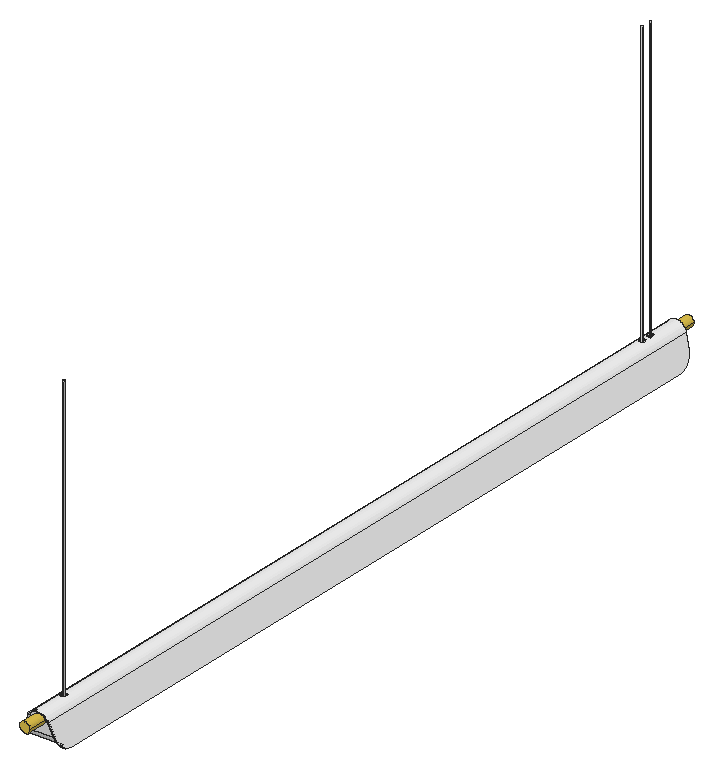
Revit family "CONV_Zero_GnrlPrpseLmnrs_TrapetsPendant", category Lighting Fixtures, host Ceiling, Revit 2015
Parameters (values of type "Trapets T5/32/45W 1700mm Downlight HFF")
  Wattage = 22.2159 W
  WarrantyStartDate [instance] = "n/a"
  WarrantyGuarantorParts = "n/a"
  WarrantyGuarantorLabor = "n/a"
  WarrantyDurationUnit = "Year"
  WarrantyDurationParts = "n/a"
  WarrantyDurationLabor = "n/a"
  WarrantyDescription = "n/a"
  built-in parameter 1150110 = 1 (stored number, unit not read)
  VersionDate = "04/01/2018"  # constant formula
  Version = "1"  # constant formula
  UsageCurrent = 0 A
  Uniclass2015Reference = "Pr_70_70_48_86"
  Uniclass2015Description = "Suspended luminaires"
  Uniclass2 = "Pr_70_70_49_86"
  URL = "https://www.zerolighting.com/trapets-inompe/"
  TotalWattage = 45 W
  built-in parameter 1114217 = 1 (stored number, unit not read)
  Tilt Angle = 90.00°
  built-in parameter 1150109 = 1 (stored number, unit not read)
  built-in parameter 1150134 = (empty or 0)
  TagNumber [instance] = "n/a"
  SustainabilityPerformance = "n/a"
  built-in parameter 1150113 = 1 (stored number, unit not read)
  Size = "82x1765x71 mm"
  Shape = "Sculptured"
  SerialNumber [instance] = "n/a"
  Revision = "n/a"
  ReplacementCost = "n/a"
  ProductInformation = "n/a"
  Photometric Web File = "Trapets8200-3-35W_IES.IES"
  PhaseReference = "n/a"
  PhaseAngle = 0.00°
  NumberOfSources = 0
  NumberOfPoles = 1
  NominalWidth = 1765 mm
  NominalVoltageCalc = 0 V
  NominalVoltage = 230 V
  NominalRadius = 42 mm
  NominalLength = 82 mm
  NominalHeight = 71 mm
  NominalFrequencyRange = 50 Hz
  NominalDiameter = 800 mm
  NominalCurrent = 0 A
  Name = "GnrlPrpseLmnrs_TrapetsPendant"
  NBSReference = "90-60-50/405"
  NBSDescription = "General purpose luminaires"
  ModelType = trapets-pendant-1700 : trapets-pendant-1700
  ModelReference = "n/a"
  ModelNumber = "8200-3-01HFF"
  Model = "Trapets T5/32/45W 1700mm Downlight HFF"
  Material = "Metal and wood"
  ManufacturersSpecificInformation = "n/a"
  ManufacturerURL = "https://www.zerolighting.com/"
  ManufacturerName = "Zero"
  Manufacturer = "Zero"
  MaintenanceFactor = 0
  Lumens = 3300 lm
  built-in parameter 1150115 = 1 (stored number, unit not read)
  built-in parameter 1150105 = 262.61 (stored number, unit not read)
  LightFixtureSecondaryMaterial [instance] = Yellow
  LightFixturePlacingType = "Ceiling"
  LightFixtureMountingType = "Suspended"
  LightFixtureMainMaterial [instance] = White steel
  built-in parameter 1150137 = (empty or 0)
  built-in parameter 1150139 = (empty or 0)
  LensMaterial = Tempered glass
  built-in parameter 1150112 = 1 (stored number, unit not read)
  built-in parameter 1150114 = 1 (stored number, unit not read)
  InsulationStandardClass = "n/a"
  InstallationDate [instance] = "n/a"
  built-in parameter 1150132 = 2
  built-in parameter 1150102 = (empty or 0)
  built-in parameter 1150138 = (empty or 0)
  built-in parameter 1150107 = 3000 (stored number, unit not read)
  built-in parameter 1150106 = 2.6261 (stored number, unit not read)
  IfcExportType = "NOTDEFINED"  # constant formula
  IfcExportAs = "IfcLightFixtureType"  # constant formula
  IP_Code = "IP20"
  HasProtectiveEarth = no
  Emit from Rectangle Width = NominalWidth  # 1765 mm
  Emit from Rectangle Length = NominalLength  # 82 mm
  Emit Shape Visible in Rendering = no
  Dimming = "Dimmable with DALI, DSI, SwitchDim"
  Grade = "n/a"
  Finish = "Painted metal"
  Features = "Plug or terminal block 5x4mm2"
  ExpiringDate = "07/2018"  # constant formula
  ExpectedLife = "n/a"
  ElectricalDeviceNominalPower = 0
  built-in parameter 1150104 = 13.8 (stored number, unit not read)
  EANNumber = "n/a"
  DurationUnit = "Year"
  Dimming Lamp Color Temperature Shift = <None>
  Designer = "Note Design Studio"
  DefaultElevation = 0 mm
  ConvergoRefNr = "0046-1708-0029-SE"
  Constituents = "Wood knob, end (white, black, yellow, ash or grey). Pull to dim switch."
  Color Filter = 16777215
  Color = "Black or white"
  Collection = "Trapets"
  CodePerformance = "n/a"
  Category = "Pendant"
  CableLength [instance] = 600 mm
  Brand = "Zero"
  Barcode [instance] = "n/a"
  built-in parameter 1114218 = 1 (stored number, unit not read)
  BIMObjectName = "CONV_Zero_GnrlPrpseLmnrs_TrapetsPendant"
  Author = "Convergo AB"  # constant formula
  built-in parameter 1150133 = 10 (stored number, unit not read)
  AssetType = "Fixed"
  AssetIdentifier [instance] = "n/a"
  ArticleNumber = "8200-3-01HFF"
  AccessibilityPerformance = "n/a"
Types (16, lengths in mm): name | Wattage | TotalWattage | Size | Photometric Web File | NominalWidth | ModelType | ModelNumber | Model | Lumens | built-in parameter 1150105 | built-in parameter 1150106 | Emit from Rectangle Width | Dimming | ConvergoRefNr | ArticleNumber
  Trapets T5/25/28W 1400mm Downlight | 17.5035 W | 28 W | "82x1465x71 mm" | "Trapets8200-1-28W_IES.IES" | 1465 | trapets-pendant-1400 : trapets-pendant-1400 | "8200-1-01" | "Trapets T5/25/28W 1400mm Downlight" | 2600 lm | 206.9 (stored number, unit not read) | 2.069 (stored number, unit not read) | 1465 | "None" | "0046-1708-0028-SE" | "8200-1-01"
  Trapets T5/25/50W 1400mm Downlight HFF | 17.5035 W | 50 W | "82x1465x71 mm" | "Trapets8200-1-28W_IES.IES" | 1465 | trapets-pendant-1400 : trapets-pendant-1400 | "8200-1-01HFF" | "TrapetsT5/25/50W 1400mm Downlight HFF" | 2600 lm | 206.9 (stored number, unit not read) | 2.069 (stored number, unit not read) | 1465 | "Dimmable with DALI, DSI, SwitchDim" | "0046-1708-0028-SE" | "8200-1-01HFF"
  Trapets T5/32/35W 1700mm Downlight | 22.2159 W | 35 W | "82x1765x71 mm" | "Trapets8200-3-35W_IES.IES" | 1765 | trapets-pendant-1700 : trapets-pendant-1700 | "8200-3-01" | "Trapets T5/32/35W 1700mm Downlight" | 3300 lm | 262.61 (stored number, unit not read) | 2.6261 (stored number, unit not read) | 1765 | "None" | "0046-1708-0029-SE" | "8200-3-01"
  Trapets T5/32/45W 1700mm Downlight HFF | 22.2159 W | 45 W | "82x1765x71 mm" | "Trapets8200-3-35W_IES.IES" | 1765 | trapets-pendant-1700 : trapets-pendant-1700 | "8200-3-01HFF" | "Trapets T5/32/45W 1700mm Downlight HFF" | 3300 lm | 262.61 (stored number, unit not read) | 2.6261 (stored number, unit not read) | 1765 | "Dimmable with DALI, DSI, SwitchDim" | "0046-1708-0029-SE" | "8200-3-01HFF"
  Trapets LED 1552LM/19W 1400mm Downlight | 10.4482 W | 19 W | "82x1465x71 mm" | "Trapets8202-1-Led_IES.IES" | 1465 | trapets-pendant-1400 : trapets-pendant-1400 | "8202-1-01" | "Trapets LED 1552LM/19W 1400mm Downlight" | 1552 lm | 123.5 (stored number, unit not read) | 1.235 (stored number, unit not read) | 1465 | "None" | "0046-1708-0028-SE" | "8202-1-01"
  Trapets LED 1552LM/19W 1400mm Downlight HFF | 10.4482 W | 19 W | "82x1465x71 mm" | "Trapets8202-1-Led_IES.IES" | 1465 | trapets-pendant-1400 : trapets-pendant-1400 | "8202-1-01HFF" | "Trapets LED 1552LM/19W 1400mm Downlight HFF" | 1552 lm | 123.5 (stored number, unit not read) | 1.235 (stored number, unit not read) | 1465 | "Dimmable with DALI, DSI, SwitchDim" | "0046-1708-0028-SE" | "8202-1-01HFF"
  Trapets LED 2516LM/33W 1400mm Downlight | 16.938 W | 33 W | "82x1465x71 mm" | "Trapets8203-1-Led_IES.IES" | 1465 | trapets-pendant-1400 : trapets-pendant-1400 | "8203-1-01" | "Trapets LED 2516LM/33W 1400mm Downlight" | 2516 lm | 200.22 (stored number, unit not read) | 2.0022 (stored number, unit not read) | 1465 | "None" | "0046-1708-0028-SE" | "8203-1-01"
  Trapets LED 2516LM/33W 1400mm Downlight HFF | 16.938 W | 33 W | "82x1465x71 mm" | "Trapets8203-1-Led_IES.IES" | 1465 | trapets-pendant-1400 : trapets-pendant-1400 | "8203-1-01HFF" | "Trapets LED 2516LM/33W 1400mm Downlight HFF" | 2516 lm | 200.22 (stored number, unit not read) | 2.0022 (stored number, unit not read) | 1465 | "Dimmable with DALI, DSI, SwitchDim" | "0046-1708-0028-SE" | "8203-1-01HFF"
  Trapets LED 2081LM/26W 1700mm Downlight | 14.0095 W | 26 W | "82x1765x71 mm" | "Trapets8202-3-Led_IES.IES" | 1765 | trapets-pendant-1700 : trapets-pendant-1700 | "8202-3-01" | "Trapets LED LED 2081LM/26W 1700mm Downlight" | 2081 lm | 165.6 (stored number, unit not read) | 1.656 (stored number, unit not read) | 1765 | "None" | "0046-1708-0029-SE" | "8202-3-01"
  Trapets LED 2081LM/26W 1700mm Downlight HFF | 14.0095 W | 26 W | "82x1765x71 mm" | "Trapets8202-3-Led_IES.IES" | 1765 | trapets-pendant-1700 : trapets-pendant-1700 | "8202-3-01HFF" | "Trapets LED 2081LM/26W 1700mm Downlight HFF" | 2081 lm | 165.6 (stored number, unit not read) | 1.656 (stored number, unit not read) | 1765 | "Dimmable with DALI, DSI, SwitchDim" | "0046-1708-0029-SE" | "8202-3-01HFF"
  Trapets LED 3220LM/40W 1700mm Downlight | 21.6774 W | 40 W | "82x1765x71 mm" | "Trapets8203-3-LED_IES.IES" | 1765 | trapets-pendant-1700 : trapets-pendant-1700 | "8203-3-01" | "Trapets LED 3220LM/40W 1700mm Downlight" | 3220 lm | 256.24 (stored number, unit not read) | 2.5624 (stored number, unit not read) | 1765 | "None" | "0046-1708-0029-SE" | "8203-3-01"
  Trapets LED 3220LM/40W 1700mm Downlight HFF | 21.6774 W | 40 W | "82x1765x71 mm" | "Trapets8203-3-LED_IES.IES" | 1765 | trapets-pendant-1700 : trapets-pendant-1700 | "8203-3-01HFF" | "Trapets LED 3220LM/40W 1700mm Downlight HFF" | 3220 lm | 256.24 (stored number, unit not read) | 2.5624 (stored number, unit not read) | 1765 | "Dimmable with DALI, DSI, SwitchDim" | "0046-1708-0029-SE" | "8203-3-01HFF"
  Trapets T5/25/28W 1400mm Down & uplight | 16.938 W | 19 W | "82x1465x71 mm" | "Trapets8201-1-28W_IES.IES" | 1465 | trapets-pendant-1400 : trapets-pendant-1400 | "8201-1-01" | "Trapets T5/25/28W 1400mm Down & uplight" | 2516 lm | 200.22 (stored number, unit not read) | 2.0022 (stored number, unit not read) | 1465 | "None" | "0046-1708-0028-SE" | "8201-1-01"
  Trapets T5/25/50W 1400mm Down & uplight HFF | 28.948 W | 50 W | "82x1465x71 mm" | "Trapets8201-3-49W_IES.IES" | 1465 | trapets-pendant-1400 : trapets-pendant-1400 | "8201-1-01HFF" | "Trapets T5/25/50W 1400mm Down & uplight HFF" | 4300 lm | 342.18 (stored number, unit not read) | 3.4218 (stored number, unit not read) | 1465 | "Dimmable with DALI, DSI, SwitchDim" | "0046-1708-0028-SE" | "8201-1-01HFF"
  Trapets T5/32/35W 1700mm Down & uplight | 22.2159 W | 35 W | "82x1765x71 mm" | "Trapets8201-3-35W_IES.IES" | 1765 | trapets-pendant-1700 : trapets-pendant-1700 | "8201-3-01" | "Trapets T5/32/35W 1700mm Down & uplight" | 3300 lm | 262.61 (stored number, unit not read) | 2.6261 (stored number, unit not read) | 1765 | "None" | "0046-1708-0029-SE" | "8201-3-01"
  Trapets T5/32/45W 1700mm Down & uplight HFF | 28.948 W | 35 W | "82x1765x71 mm" | "Trapets8201-3-49W_IES.IES" | 1765 | trapets-pendant-1700 : trapets-pendant-1700 | "8201-3-01HFF" | "Trapets T5/32/45W 1700mm Down & uplight HFF" | 4300 lm | 342.18 (stored number, unit not read) | 3.4218 (stored number, unit not read) | 1765 | "Dimmable with DALI, DSI, SwitchDim" | "0046-1708-0029-SE" | "8201-3-01HFF"
Reference planes
  plane 1 "Light Source Axis (F/B)": y = 0
  plane 2: z = 0
  plane 3 "Light Source Axis (L/R)": x = 0
  plane 4 "Ceiling": z = 0
  plane 5 "Light Source Elevation": z = -671
  plane 6: y = 882.5
  plane 7: y = -882.5
  plane 8: z = -600
  plane 9: z = -604
Forms (mm)
  Extrusion 1, solid, material "White steel" <- "LightFixtureMainMaterial", detail levels coarse
    sketch origin (0, 0, -111) x (-1, 0, 0) y (0, -1, 0)
      loop
        line (41, 882.5) -> (-41, 882.5) -> (-41, -882.5) -> (41, -882.5) -> (41, 882.5)
    from 111 to -560
  Extrusion 2, solid, material "White steel", detail levels medium+fine
    sketch origin (0, 0, -671) x (-1, 0, 0) y (0, -1, 0)
      loop
        circle (0, -780.105) r 1.5
      loop
        circle (0, -758.149) r 1.5
      loop
        circle (0, 779.867) r 1.5
    from 67 to 671
Lines and regions (mm)
  symbolic lines, detail levels medium+fine
    curve 1: line (1.5, 0, -600) -> (1.5, 0, 0)
    curve 2: line (-1.5, 0, 0) -> (-1.5, 0, -600)
    curve 3: line (0, 781.605, 0) -> (0, 781.605, -600.763)
    curve 4: line (0, 778.68, -600.763) -> (0, 778.68, 0)
    curve 5: line (0, 759.649, 0) -> (0, 759.649, -600.763)
    curve 6: line (0, 756.723, -600.763) -> (0, 756.723, 0)
    curve 7: line (0, -778.367, 0) -> (0, -778.367, -600.763)
    curve 8: line (0, -781.292, -600.763) -> (0, -781.292, 0)
Dimensions and locks
  equal spacing: host sketch curve, plane 3 "Light Source Axis (L/R)", host sketch curve
  equal spacing: host sketch curve, plane 1 "Light Source Axis (F/B)", host sketch curve
  host sketch curve to host sketch curve = 4000 mm  (x2)
  locked: plane 4 "Ceiling" to host ceiling at 0
  equal spacing: plane 6, plane 1 "Light Source Axis (F/B)", plane 7
  "NominalWidth": plane 6 to plane 7
  equal spacing: Extrusion 1, plane 3 "Light Source Axis (L/R)", Extrusion 1
  "NominalLength": Extrusion 1 to Extrusion 1
  "CableLength": plane 8 to level
  locked: plane 8 to plane 5 "Light Source Elevation" at 71
  locked: plane 8 to plane 9 at 4
  aligned and locked: plane 3 "Light Source Axis (L/R)" to imposter light
  aligned and locked: plane 1 "Light Source Axis (F/B)" to imposter light
  aligned and locked: plane 5 "Light Source Elevation" to Extrusion 1
  aligned and locked: imposter light to plane 5 "Light Source Elevation"
  aligned and locked: level to Extrusion 2
  aligned and locked: plane 8 to nested 1
Automatic sketch dimensions
  curve 8 to level = 0 mm
  curve 7 to level = 0 mm
  curve 6 to level = 0 mm
  curve 5 to level = 0 mm
  curve 4 to level = 0 mm
  curve 3 to level = 0 mm
  curve 8 to plane 8 = 0.763 mm
  plane 7 to curve 8 = 101.208 mm
  curve 8 to curve 7 = 2.925 mm
  curve 6 to plane 6 = 125.777 mm
  curve 6 to curve 5 = 2.925 mm
  curve 4 to plane 8 = 0.763 mm
  curve 5 to curve 4 = 19.031 mm
  curve 4 to curve 3 = 2.925 mm
  curve 5 to plane 8 = 0.763 mm
  curve 7 to plane 8 = 0.763 mm
  curve 3 to plane 8 = 0.763 mm
  curve 6 to plane 8 = 0.763 mm
  Extrusion 1 sketch curve to plane 7 = 0 mm
  Extrusion 1 sketch curve to plane 6 = 0 mm
  plane 3 "Light Source Axis (L/R)" to Extrusion 1 sketch curve = 41 mm
  Extrusion 1 sketch curve to plane 3 "Light Source Axis (L/R)" = 41 mm
  curve 2 to level = 0 mm
  curve 2 to plane 8 = 0 mm
  curve 1 to level = 0 mm
  curve 1 to plane 8 = 0 mm
  curve 2 to plane 3 "Light Source Axis (L/R)" = 1.5 mm
  plane 3 "Light Source Axis (L/R)" to curve 1 = 1.5 mm
  Extrusion 2 sketch curve to plane 3 "Light Source Axis (L/R)" = 0 mm  (x3)
  Extrusion 2 sketch curve to plane 6 = 102.395 mm
  Extrusion 2 sketch curve to Extrusion 2 sketch curve = 21.957 mm
  Extrusion 2 sketch curve to Extrusion 2 sketch curve = 0 mm  (x2)
  plane 7 to Extrusion 2 sketch curve = 102.633 mm
  Extrusion 2 sketch curve to Extrusion 2 sketch curve = 1.5 mm
  radius of Extrusion 2 sketch curve = 1.5 mm  (x2)
Nested families
  nested 1: "trapets-pendant-1700" at (0, 0, -671), type <- "ModelType", Material1 <- "LightFixtureMainMaterial", Material2 <- "LensMaterial", Material3 <- "LightFixtureSecondaryMaterial", type "trapets-pendant-1700"
    with Material3 Yellow, Material2 Tempered glass, Material1 White steel
Connectors
  electrical at (0, 780.105, 0), driven by "NominalVoltage"
    settings: on Extrusion 2, index 1, voltage 230 V, apparent load 0 VA, apparent load phase1 0 VA, apparent load phase2 0 VA, apparent load phase3 0 VA, power factor 1, load classification "Other", number of poles 1, system type 31, power factor state 1, is connector primary yes, connector utility no, sub classification motor no, connector description ""
Definition of nested family "trapets-pendant-1700"
  Parameters (values of type "trapets-pendant-1700")
    Material3 [instance] = none
    Material2 [instance] = none
    Material1 [instance] = none
  Reference planes
    plane 1 "Center (Front/Back)": y = 0
    plane 2: z = 0
    plane 3 "Center (Left/Right)": x = 0
  Forms (mm)
    Extrusion 1, void
      sketch origin (-70, 0, 0) x (0, 1, 0) y (0, 0, 1)
        loop
          line (850, 70.163) -> (842.58, 27.412)
          arc (842.58, 27.412) -> (831.289, 7.765) -> (810, 0) r 33.067
          line (810, 0) -> (875, 0) -> (875, 83.077) -> (850, 83.077) -> (850, 70.163)
        loop
          line (-850, 70.163) -> (-850, 83.077) -> (-875, 83.077) -> (-875, 0) -> (-810, 0)
          arc (-810, 0) -> (-831.289, 7.765) -> (-842.58, 27.412) r 33.067
          line (-842.58, 27.412) -> (-850, 70.163)
      from -22.142 to 250
    Extrusion 2, solid, material <- "Material1", detail levels medium+fine
      sketch origin (-95.289, 0, 0) x (1, 0, 0) y (0, 0, 1)
        loop
          line (72.895, 55.058) -> (54.297, 0) -> (136.28, 0) -> (117.682, 55.058)
          arc (117.682, 55.058) -> (95.289, 71.13) -> (72.895, 55.058) r 23.637
      from -850 to 850
    Extrusion 3, void
      sketch origin (-95.289, 0, 0) x (1, 0, 0) y (0, 0, 1)
        loop
          line (73.843, 54.738) -> (55.352, 0) -> (135.225, 0) -> (116.735, 54.738)
          arc (116.735, 54.738) -> (95.289, 70.13) -> (73.843, 54.738) r 22.637
      from -877.771 to 857.653
    Extrusion 4, solid, material <- "Material1", detail levels medium+fine
      sketch origin (-95.289, 0, 0) x (1, 0, 0) y (0, 0, 1)
        loop
          line (73.843, 54.738) -> (57.414, 6.104) -> (133.163, 6.104) -> (116.735, 54.738)
          arc (116.735, 54.738) -> (95.289, 70.13) -> (73.843, 54.738) r 22.637
      from -846 to 846
    Extrusion 5, void
      sketch origin (-110, 0, 0) x (0, 1, 0) y (0, 0, 1)
        loop
          line (846, 70.13) -> (836.893, 23.281)
          arc (836.893, 23.281) -> (829.699, 11.068) -> (816.422, 6.104) r 21.232
          line (816.422, 6.104) -> (800.449, -9.87) -> (869.038, -9.87) -> (869.038, 70.13) -> (846, 70.13)
        loop
          line (-846, 70.13) -> (-869.038, 70.13) -> (-869.038, -9.87) -> (-800.449, -9.87) -> (-816.422, 6.104)
          arc (-816.422, 6.104) -> (-829.699, 11.068) -> (-836.893, 23.281) r 21.232
          line (-836.893, 23.281) -> (-846, 70.13)
      from 0 to 250
    Extrusion 6, solid, material <- "Material3", detail levels medium+fine
      sketch origin (-375.177, -150, 0) x (1, 0, 0) y (0, 0, 1)
        loop
          circle (375.177, 54.486) r 11
      from 685.935 to 731.935
    Extrusion 7, solid, material <- "Material3", detail levels medium+fine
      sketch origin (-375.177, 150, 0) x (1, 0, 0) y (0, 0, -1)
        loop
          circle (375.177, -54.486) r 11
      from 685.935 to 731.935
    Extrusion 8, void
      sketch origin (0, 0, 0) x (1, 0, 0) y (0, 1, 0)
        loop
          circle (0, 780) r 6.5
        loop
          circle (0, 758.043) r 6.5
        loop
          circle (0, -780) r 6.5
      from 15.527 to 250
    Extrusion 9, solid, material <- "Material2", detail levels medium+fine
      sketch origin (0, 4.308, 0) x (1, 0, 0) y (0, 1, 0)
        loop
          line (-34.895, 745.602) -> (-34.895, -754.298) -> (35.089, -754.298) -> (35.089, 745.602) -> (-34.895, 745.602)
      from 6.104 to 8.631
    Extrusion 10, void, detail levels medium+fine
      sketch origin (0, 0, 0) x (1, 0, 0) y (0, 1, 0)
        loop
          line (35.089, 749.911) -> (-34.895, 749.911) -> (-34.895, -749.989) -> (35.089, -749.989) -> (35.089, 749.911)
      from 0 to 40.007
  Cuts and joins
    Extrusion 1, Extrusion 3, Extrusion 8 cuts Extrusion 2
    Extrusion 5, Extrusion 8, Extrusion 10 cuts Extrusion 4
  Lines and regions (mm)
    symbolic lines, detail levels medium+fine
      curve 1: spline (-31.632, -842.515, 0) -> (-32.835, -841.774, 0) -> (-34.002, -840.61, 0) -> (-35.12, -839.04, 0) -> (-36.173, -837.083, 0) -> (-37.149, -834.764, 0) -> (-38.033, -832.114, 0) -> (-38.816, -829.167, 0) -> (-39.486, -825.961, 0) -> (-40.036, -822.538, 0) -> (-40.457, -818.941, 0) -> (-40.744, -815.219, 0) -> (-40.895, -811.418, 0)
      curve 2: line (-22.296, -847.378, 0) -> (-31.635, -842.58, 0)
      curve 3: line (-10.903, -882.495, 0) -> (-10.903, -849.698, 0)
      curve 4: arc (-22.296, -847.378, 0) -> (-16.682, -848.945, 0) -> (-10.903, -849.698, 0) r 40.949
      curve 5: line (-40.895, -811.418, 0) -> (-40.895, 811.418, 0)
      curve 6: line (-10.903, -882.495, 0) -> (0.097, -882.495, 0)
      curve 7: spline (31.826, -842.515, 0) -> (33.029, -841.774, 0) -> (34.196, -840.61, 0) -> (35.314, -839.04, 0) -> (36.367, -837.083, 0) -> (37.343, -834.764, 0) -> (38.227, -832.114, 0) -> (39.01, -829.167, 0) -> (39.68, -825.961, 0) -> (40.23, -822.538, 0) -> (40.651, -818.941, 0) -> (40.938, -815.219, 0) -> (41.089, -811.418, 0)
      curve 8: line (22.49, -847.378, 0) -> (31.829, -842.58, 0)
      curve 9: line (11.097, -882.495, 0) -> (11.097, -849.698, 0)
      curve 10: arc (22.49, -847.378, 0) -> (16.876, -848.945, 0) -> (11.097, -849.698, 0) r 40.949
      curve 11: line (41.089, -811.418, 0) -> (41.089, 811.418, 0)
      curve 12: line (11.097, -882.495, 0) -> (0.097, -882.495, 0)
      curve 13: spline (-31.632, 842.515, 0) -> (-32.835, 841.774, 0) -> (-34.002, 840.61, 0) -> (-35.12, 839.04, 0) -> (-36.173, 837.083, 0) -> (-37.149, 834.764, 0) -> (-38.033, 832.114, 0) -> (-38.816, 829.167, 0) -> (-39.486, 825.961, 0) -> (-40.036, 822.538, 0) -> (-40.457, 818.941, 0) -> (-40.744, 815.219, 0) -> (-40.895, 811.418, 0)
      curve 14: line (-22.296, 847.378, 0) -> (-31.635, 842.58, 0)
      curve 15: line (-10.903, 882.495, 0) -> (-10.903, 849.698, 0)
      curve 16: arc (-22.296, 847.378, 0) -> (-16.682, 848.945, 0) -> (-10.903, 849.698, 0) r 40.949
      curve 17: line (-10.903, 882.495, 0) -> (0.097, 882.495, 0)
      curve 18: spline (31.826, 842.515, 0) -> (33.029, 841.774, 0) -> (34.196, 840.61, 0) -> (35.314, 839.04, 0) -> (36.367, 837.083, 0) -> (37.343, 834.764, 0) -> (38.227, 832.114, 0) -> (39.01, 829.167, 0) -> (39.68, 825.961, 0) -> (40.23, 822.538, 0) -> (40.651, 818.941, 0) -> (40.938, 815.219, 0) -> (41.089, 811.418, 0)
      curve 19: line (22.49, 847.378, 0) -> (31.829, 842.58, 0)
      curve 20: line (11.097, 882.495, 0) -> (11.097, 849.698, 0)
      curve 21: arc (22.49, 847.378, 0) -> (16.876, 848.945, 0) -> (11.097, 849.698, 0) r 40.949
      curve 22: line (11.097, 882.495, 0) -> (0.097, 882.495, 0)
      curve 23: line (-22.414, 0, 55.065) -> (-41.012, 0, 0.007)
      curve 24: arc (22.373, 0, 55.065) -> (-0.02, 0, 71.138) -> (-22.414, 0, 55.065) r 23.637
      curve 25: line (40.971, 0, 0.007) -> (22.373, 0, 55.065)
      curve 26: line (-41.012, 0, 0.007) -> (-39.957, 0, 0.007)
      curve 27: line (-39.957, 0, 0.007) -> (-37.895, 0, 6.111)
      curve 28: line (-37.895, 0, 6.111) -> (37.843, 0, 6.111)
      curve 29: line (37.843, 0, 6.111) -> (39.928, 0, -0.06)
      curve 35: line (0, 881.935, 65.486) -> (0, 881.935, 43.486)
      curve 36: line (0, 881.935, 43.486) -> (0, 845.37, 43.486)
      curve 37: line (0, 881.935, 65.486) -> (0, 849.188, 65.486)
      curve 38: line (0, 850.145, 71) -> (0, 786.474, 71)
      curve 39: arc (0, 786.474, 71) -> (0, 780.142, 70.194) -> (0, 773.811, 71) r 25.278
      curve 40: arc (0, 764.579, 71) -> (0, 758.247, 70.194) -> (0, 751.916, 71) r 25.278
      curve 41: line (0, 773.811, 71) -> (0, 764.579, 71)
      curve 42: line (0, 751.916, 71) -> (0, -13.855, 71)
      curve 43: line (0, 850.145, 71) -> (0, 849.188, 65.486)
      curve 44: arc (0, 842.58, 27.412) -> (0, 831.289, 7.765) -> (0, 810, 0) r 33.067
      curve 46: line (0, 845.37, 43.486) -> (0, 842.58, 27.412)
      curve 47: line (0, 810, 0) -> (0, -13.855, 0)
      curve 48: line (0, -881.935, 65.486) -> (0, -881.935, 43.486)
      curve 49: line (0, -881.935, 43.486) -> (0, -845.37, 43.486)
      curve 50: line (0, -881.935, 65.486) -> (0, -849.188, 65.486)
      curve 51: line (0, -850.145, 71) -> (0, -786.474, 71)
      curve 52: arc (0, -786.474, 71) -> (0, -780.142, 70.194) -> (0, -773.811, 71) r 25.278
      curve 53: line (0, -773.811, 71) -> (0, -13.855, 71)
      curve 54: line (0, -850.145, 71) -> (0, -849.188, 65.486)
      curve 55: arc (0, -842.58, 27.412) -> (0, -831.289, 7.765) -> (0, -810, 0) r 33.067
      curve 57: line (0, -845.37, 43.486) -> (0, -842.58, 27.412)
      curve 58: line (0, -810, 0) -> (0, -13.855, 0)
    symbolic lines, detail levels fine
      curve 30: arc (10.98, 0, 54.494) -> (-0.02, 0, 65.494) -> (-11.02, 0, 54.494) r 11
      curve 31: arc (-11.02, 0, 54.494) -> (-0.02, 0, 43.494) -> (10.98, 0, 54.494) r 11
      curve 32: arc (21.426, 0, 54.745) -> (-0.02, 0, 70.138) -> (-21.466, 0, 54.745) r 22.637
      curve 33: line (-21.466, 0, 54.745) -> (-37.895, 0, 6.111)
      curve 34: line (37.854, 0, 6.111) -> (21.426, 0, 54.745)
      curve 45: line (0, 849.188, 65.486) -> (0, 845.37, 43.486)
      curve 56: line (0, -849.188, 65.486) -> (0, -845.37, 43.486)
      curve 59: line (-21.501, 845.539, 0) -> (-30.968, 840.674, 0)
      curve 60: arc (-21.501, 845.539, 0) -> (-16.235, 846.995, 0) -> (-10.817, 847.7, 0) r 38.949
      curve 61: line (-10.817, 847.7, 0) -> (0.097, 847.999, 0)
      curve 62: line (11.011, 847.7, 0) -> (0.097, 847.999, 0)
      curve 63: arc (21.695, 845.539, 0) -> (16.429, 846.995, 0) -> (11.011, 847.7, 0) r 38.949
      curve 64: line (21.695, 845.539, 0) -> (31.162, 840.674, 0)
      curve 65: line (31.162, 840.674, 0) -> (39.089, 811.378, 0)
      curve 66: line (-30.968, 840.674, 0) -> (-38.895, 811.378, 0)
      curve 67: line (-38.895, -811.397, 0) -> (-38.895, 811.378, 0)
      curve 68: line (39.089, -811.397, 0) -> (39.089, 811.378, 0)
      curve 69: line (-30.817, -840.752, 0) -> (-38.895, -811.397, 0)
      curve 70: line (-21.501, -845.539, 0) -> (-30.817, -840.752, 0)
      curve 71: arc (-21.501, -845.539, 0) -> (-16.235, -846.995, 0) -> (-10.817, -847.7, 0) r 38.949
      curve 72: line (-10.817, -847.7, 0) -> (0.097, -847.999, 0)
      curve 73: line (11.011, -847.7, 0) -> (0.097, -847.999, 0)
      curve 74: arc (21.695, -845.539, 0) -> (16.429, -846.995, 0) -> (11.011, -847.7, 0) r 38.949
      curve 75: line (21.695, -845.539, 0) -> (31.162, -840.674, 0)
      curve 76: line (31.162, -840.674, 0) -> (39.089, -811.397, 0)
      curve 77: line (-10.903, 849.698, 0) -> (-10.903, 847.694, 0)
      curve 78: line (11.097, 849.698, 0) -> (11.097, 847.674, 0)
      curve 79: line (-10.903, -849.698, 0) -> (-10.903, -847.495, 0)
      curve 80: line (11.097, -849.698, 0) -> (11.097, -847.495, 0)
      curve 81: line (0, -816.422, 0) -> (-38.644, -816.422, 0)
      curve 82: line (0, -816.422, 0) -> (38.644, -816.422, 0)
      curve 83: line (0, 816.422, 0) -> (-38.644, 816.422, 0)
      curve 84: line (0, 816.422, 0) -> (38.644, 816.422, 0)
      curve 85: line (35.089, -749.989, 0) -> (35.089, 749.911, 0)
      curve 86: line (-34.895, -749.989, 0) -> (35.089, -749.989, 0)
      curve 87: line (-34.895, 749.911, 0) -> (-34.895, -749.989, 0)
      curve 88: line (35.089, 749.911, 0) -> (-34.895, 749.911, 0)
  Dimensions and locks
    aligned and locked: level to plane 2
